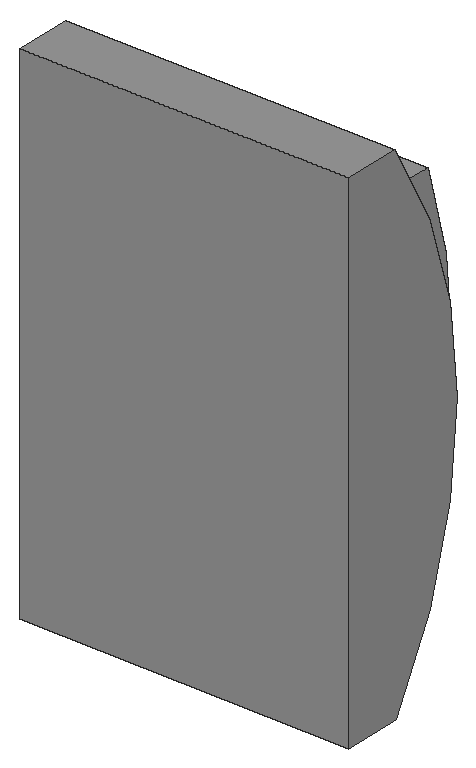
Revit family "ГГН-03,КЛ-01М", category Устройства вызова и оповещения, Revit 2017
Family settings
  Основа = Стена
  Сохранять ориентацию аннотаций = Нет
  Размер круглого соединителя = Использовать диаметр
  Тип детали = Нормальный
  Всегда вертикально = Да
  При загрузке вырезать с полостями = Нет
  Общий = Нет
  Точка расчета площади = Нет
Parameters (values of type "ГГН-03/КЛ-01М")
  Ширина = 103 mm
  Частотный диапазон = "100-15000 Гц"  # constant formula
  Разработано = "support@bimlib.pro"  # constant formula
  Описание = "Речевой оповещатель. Предназначен для воспроизведения голосовых сообщений, специальных сигналов в системах громкоговорящей связи с высокоомным выходом. Встроенный трансформатор 90..100В. Настенное исполнение."
  Напряжение питания = 100 V  # constant formula
  Материал = ПВХ
  Assembly Code = ""
  Код IP = "41"  # constant formula
  Исполнение = "настенное (мини)"  # constant formula
  Изготовитель = "СОУЭ Речор"  # constant formula
  Диапазое рабочих температур = "-10 до +50°С"  # constant formula
  Глубина = 47 mm
  Выходная мощность [instance] = if(Выбор мощности, 3 W, 1 W)  # 3 W
  Высота = 160 mm
  Выбор мощности [instance] = yes
  URL = "http://rechor.ru/gromkogovoriteli"
  ADSK_Примечание = ""
  ADSK_Позиция = ""
  Наименование = "Громкоговоритель ГГН-03/КЛ-01М"  # constant formula
  ADSK_Масса_Текст = "0.3 кг"  # constant formula
  ADSK_Завод-изготовитель = Изготовитель  # "СОУЭ Речор"
Reference planes
  plane 1 "Стена": y = 0
  plane 2 "По центру (Влево/Вправо)": x = 125
  plane 3 "Назад": y = 75
  plane 4: x = 176.5
  plane 5: x = 73.5
  plane 6: z = 2461.432
  plane 7: z = 2301.432
  plane 8: y = 75
  plane 9: y = 122
  plane 10: z = 2381.432
Forms (mm)
  Extrusion 1, solid, material "ПВХ" <- "Материал", detail levels medium+fine
    sketch origin (125, 0, 0) x (0, 1, 0) y (0, 0, 1)
      loop
        line (75, 2461.432) -> (75, 2301.432) -> (93.354, 2301.432)
        arc (93.354, 2301.432) -> (117.17, 2381.477) -> (93.051, 2461.432) r 145.496
        line (93.051, 2461.432) -> (75, 2461.432)
    from -51.5 to 51.5
  Extrusion 2, solid, material "ПВХ" <- "Материал", detail levels medium+fine
    sketch origin (125, 6.1, 1.419) x (0, 1, 0) y (0, 0, 1)
      loop
        line (85, 2301.432) -> (87.646, 2301.432)
        arc (87.646, 2301.432) -> (114.67, 2370.733) -> (106.193, 2444.633) r 154.559
        line (106.193, 2444.633) -> (94.524, 2444.633)
        arc (94.524, 2444.633) -> (108.647, 2371.776) -> (85, 2301.432) r 145.496
    from -46.484 to 46.185
  Extrusion 3, void, detail levels medium+fine
    sketch origin (0, 0, 0) x (1, 0, 0) y (0, 0, 1)
      loop
        line (125, 2421.432) -> (84.95, 2421.432)
        arc (84.95, 2421.432) -> (84.157, 2418.13) -> (83.898, 2414.745) r 21.343
        line (83.898, 2414.745) -> (125, 2414.745) -> (166.102, 2414.745)
        arc (166.102, 2414.745) -> (165.843, 2418.13) -> (165.05, 2421.432) r 21.343
        line (165.05, 2421.432) -> (125, 2421.432)
      loop
        line (129.07, 2402.328) -> (168.603, 2402.328)
        arc (168.603, 2402.328) -> (168.296, 2406.084) -> (167.399, 2409.745) r 23.776
        line (167.399, 2409.745) -> (129.501, 2409.745)
        arc (129.501, 2409.745) -> (130.667, 2405.956) -> (129.07, 2402.328) r 5.677
      loop
        line (169.685, 2394.508) -> (125, 2394.508) -> (80.316, 2394.508)
        arc (80.316, 2394.508) -> (80.368, 2391.455) -> (80.315, 2388.401) r 87.772
        line (80.315, 2388.401) -> (125, 2388.401) -> (169.686, 2388.401)
        arc (169.686, 2388.401) -> (169.632, 2391.455) -> (169.685, 2394.508) r 87.772
      loop
        line (170, 2381.432) -> (125, 2381.432) -> (80, 2381.432)
        arc (80, 2381.432) -> (79.705, 2377.815) -> (80, 2374.198) r 22.343
        line (80, 2374.198) -> (125, 2374.198) -> (170, 2374.198)
        arc (170, 2374.198) -> (170.295, 2377.815) -> (170, 2381.432) r 22.343
      loop
        line (169.109, 2366.049) -> (125, 2366.049) -> (80.891, 2366.049)
        arc (80.891, 2366.049) -> (80.567, 2362.349) -> (81.397, 2358.729) r 11.914
        line (81.397, 2358.729) -> (125, 2358.729) -> (168.603, 2358.729)
        arc (168.603, 2358.729) -> (169.433, 2362.349) -> (169.109, 2366.049) r 11.914
      loop
        arc (120.93, 2402.328) -> (119.333, 2405.956) -> (120.499, 2409.745) r 5.677
        line (120.499, 2409.745) -> (82.601, 2409.745)
        arc (82.601, 2409.745) -> (81.704, 2406.084) -> (81.397, 2402.328) r 23.776
        line (81.397, 2402.328) -> (120.93, 2402.328)
    from -162.26 to -104.86
  Extrusion 4, solid, material "ПВХ" <- "Материал", detail levels medium+fine
    sketch origin (0, 0, 0) x (1, 0, 0) y (0, 0, 1)
      loop
        circle (125, 2406.285) r 5.677
    from -122 to -75
Cuts and joins
  Extrusion 3 cuts Extrusion 2
  joined: Extrusion 1, Extrusion 2, Extrusion 4
Lines and regions (mm)
  model lines, detail levels coarse
    curve 1: line (125, 75, 2415.976) -> (125, 75, 2350)
    curve 2: line (125, 75, 2350) -> (125, 100, 2350)
    curve 3: line (125, 100, 2350) -> (125, 122, 2304.893)
    curve 4: line (125, 75, 2415.976) -> (125, 100, 2415.976)
    curve 5: line (125, 100, 2415.976) -> (125, 122, 2461.083)
    curve 6: line (125, 122, 2461.083) -> (125, 122, 2304.893)
    curve 7: line (125, 100, 2350) -> (125, 100, 2415.976)
Text (mm)
  text "Placement Side" at (-1848.837, 1116.779, 0), in view "Опорный уровень"
  text "Placement side" at (0, 1409.804, 2854.306), in view "Слева"
  text "Placement side" at (0, 499.811, 2980.732), in view "Справа"
Dimensions and locks
  locked: plane 3 "Назад" to host wall
  equal spacing: plane 5, plane 2 "По центру (Влево/Вправо)", plane 4
  "Ширина": plane 5 to plane 4
  "Глубина": plane 8 to plane 9
  equal spacing: plane 6, plane 10, plane 7
  "Высота": plane 6 to plane 7
  aligned and locked: plane 1 "Стена" to host wall
  aligned and locked: host wall to plane 8
  aligned and locked: Extrusion 1 sketch curve to plane 8
  aligned and locked: plane 4 to Extrusion 1
  aligned and locked: Extrusion 1 to plane 5
  aligned and locked: Extrusion 4 to host wall
  aligned and locked: plane 9 to curve 6
Automatic sketch dimensions
  Extrusion 4 sketch curve to plane 2 "По центру (Влево/Вправо)" = 0 mm
  plane 10 to Extrusion 4 sketch curve = 24.853 mm
  Extrusion 1 sketch curve to plane 6 = 0 mm
  Extrusion 1 sketch curve to plane 7 = 0 mm
  Extrusion 1 sketch curve to plane 10 = 0.231 mm
  host wall to Extrusion 1 sketch curve = 28.325 mm
  host wall to Extrusion 1 sketch curve = 18.051 mm
  plane 10 to Extrusion 2 sketch curve = 10.573 mm
  host wall to Extrusion 2 sketch curve = 32.509 mm
  plane 10 to Extrusion 2 sketch curve = 1.419 mm
  Extrusion 2 sketch curve to Extrusion 2 sketch curve = 2.08 mm
  plane 7 to Extrusion 2 sketch curve = 1.419 mm
  host wall to Extrusion 2 sketch curve = 16.1 mm
  Extrusion 2 sketch curve to Extrusion 2 sketch curve = 2.646 mm
  Extrusion 2 sketch curve to plane 6 = 15.38 mm
  Extrusion 3 sketch curve to Extrusion 3 sketch curve = 0 mm  (x3)
  Extrusion 3 sketch curve to plane 10 = 0 mm
  Extrusion 3 sketch curve to plane 2 "По центру (Влево/Вправо)" = 0 mm  (x9)
  Extrusion 3 sketch curve to plane 2 "По центру (Влево/Вправо)" = 4.07 mm
  Extrusion 3 sketch curve to plane 2 "По центру (Влево/Вправо)" = 4.501 mm
  Extrusion 3 sketch curve to Extrusion 3 sketch curve = 15.258 mm  (x2)
  Extrusion 3 sketch curve to Extrusion 3 sketch curve = 0.067 mm  (x2)
  Extrusion 3 sketch curve to plane 10 = 3.617 mm  (x2)
  Extrusion 3 sketch curve to plane 2 "По центру (Влево/Вправо)" = 22.952 mm
  Extrusion 3 sketch curve to Extrusion 3 sketch curve = 9.596 mm  (x2)
  plane 5 to Extrusion 3 sketch curve = 11.45 mm
  Extrusion 3 sketch curve to Extrusion 3 sketch curve = 1.052 mm  (x2)
  Extrusion 3 sketch curve to Extrusion 3 sketch curve = 1.297 mm  (x2)
  Extrusion 3 sketch curve to Extrusion 3 sketch curve = 1.203 mm  (x2)
  plane 5 to Extrusion 3 sketch curve = 7.897 mm
  Extrusion 3 sketch curve to Extrusion 3 sketch curve = 0.506 mm  (x2)
  plane 5 to Extrusion 3 sketch curve = 6.816 mm
  Extrusion 3 sketch curve to Extrusion 3 sketch curve = 0.002 mm
  plane 5 to Extrusion 3 sketch curve = 6.5 mm  (x2)
  plane 10 to Extrusion 3 sketch curve = 10.046 mm
  Extrusion 3 sketch curve to plane 5 = 80.904 mm
  plane 2 "По центру (Влево/Вправо)" to Extrusion 3 sketch curve = 4.07 mm
  plane 2 "По центру (Влево/Вправо)" to Extrusion 3 sketch curve = 4.501 mm
  plane 2 "По центру (Влево/Вправо)" to Extrusion 3 sketch curve = 22.952 mm
  Extrusion 3 sketch curve to plane 4 = 11.45 mm
  Extrusion 3 sketch curve to plane 4 = 7.897 mm
  Extrusion 3 sketch curve to plane 4 = 6.815 mm
  Extrusion 3 sketch curve to plane 4 = 6.5 mm
  plane 4 to Extrusion 3 sketch curve = 80.904 mm
  Extrusion 3 sketch curve to Extrusion 3 sketch curve = 8.149 mm
  Extrusion 3 sketch curve to Extrusion 3 sketch curve = 2.878 mm
  plane 10 to Extrusion 3 sketch curve = 6.969 mm
  plane 10 to Extrusion 3 sketch curve = 20.845 mm  (x2)
  Extrusion 3 sketch curve to Extrusion 3 sketch curve = 7.82 mm
  Extrusion 3 sketch curve to Extrusion 3 sketch curve = 5 mm
  Extrusion 3 sketch curve to Extrusion 3 sketch curve = 12.536 mm
  curve 1 to host wall = 0 mm
  plane 9 to curve 3 = 22 mm
  plane 7 to curve 3 = 3.461 mm
  curve 2 to plane 10 = 31.432 mm
  plane 10 to curve 5 = 34.544 mm
  curve 5 to plane 6 = 0.349 mm
  radius of Extrusion 4 sketch curve = 5.677 mm
Nested families
  nested 1: "Оповещатель" at (126.965, 94.354, 0) x (0, 1, 0) z (0, 0, 1), type "оповещатель"
Connectors
  electrical at (155, 75, 2350)
    settings: on Extrusion 1, index 1, voltage 0 V, apparent load 0 VA, apparent load phase1 0 VA, apparent load phase2 0 VA, apparent load phase3 0 VA, power factor 1, load classification "Прочее", number of poles 1, system type 12, power factor state 1, is connector primary yes, connector utility no, sub classification motor no, connector description ""
  electrical at (90, 75, 2350), driven by "Напряжение питания", driven by "Выходная мощность"
    settings: on Extrusion 1, index 2, voltage 100 V, apparent load 3 VA, apparent load phase1 0 VA, apparent load phase2 0 VA, apparent load phase3 0 VA, power factor 1, load classification "Прочее", number of poles 1, system type 30, power factor state 1, is connector primary no, connector utility no, sub classification motor no, connector description ""
Definition of nested family "Оповещатель"
  Reference planes
    plane 1: y = 0
    plane 2: x = 0
  Lines and regions (mm)
    detail lines
      curve 1: line (-13.652, 27.379, 0) -> (0, 27.379, 0)
      curve 2: line (-13.652, -27.379, 0) -> (-13.652, 27.379, 0)
      curve 3: line (0, -27.379, 0) -> (-13.652, -27.379, 0)
      curve 4: line (0, 27.379, 0) -> (0, -27.379, 0)
      curve 5: line (0, 27.379, 0) -> (17.583, 68.802, 0)
      curve 6: line (0, -27.379, 0) -> (17.583, -68.802, 0)
      curve 7: line (17.583, 68.802, 0) -> (17.583, -68.802, 0)
  Dimensions and locks
    equal spacing: curve 1, plane 1, curve 3
